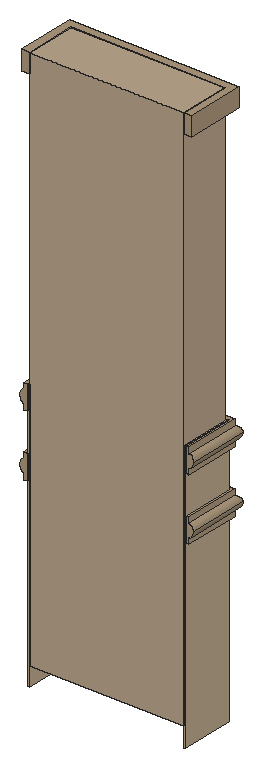
Revit family "GEN_A3-671-MIDDLE", category Columns, Revit 2016
Family settings
  Cut with Voids When Loaded = No
  Automatically joins geometry to walls = Yes
  Shared = No
  Show family pre-cut in plan views = Yes
Parameters (values of type "646-DS-C-85")
  STEP = 0 mm
  NIB WIDTH = 690 mm
  NIB = 230 mm
  Assembly Code = ""
Types (2): name
  646-DS-C-85
  MIDDLE-DV
Reference planes
  plane 1 "Center (Front/Back)": y = 20
  plane 2: z = 0
  plane 3 "Center (Left/Right)": x = -20
  plane 4 "Left": x = -250
  plane 5 "Right": x = 440
  plane 6 "Back": y = 250
  plane 7 "Front": y = -440
  plane 8: z = 0
  plane 9: z = 850
  plane 10: z = 1020
Forms (mm)
  Extrusion 1, solid, material "-WALL"
    sketch origin (0, 0, 0) x (1, 0, 0) y (0, 1, 0)
      loop
        line (-250, 20) -> (440, 20) -> (440, 250) -> (-250, 250) -> (-250, 20)
    from 0 to 2465
  Sweep 2, solid, material "-CORBEL"
    path origin (-101.756, 0, 2465) x (1, 0, 0) y (0, 1, 0)
      loop
        line (541.756, 20) -> (541.756, 250) -> (-148.244, 250) -> (-148.244, 20)
    profile "HEADER : HEADER" origin (-250, 135, 2465) x (1, 0, 0) y (0, 0, 1)
      loop
        line (0, -85) -> (0, 0) -> (-35, 0) -> (-35, -85) -> (0, -85)
  Sweep 3, solid, material "-CORBEL"
    path origin (-1690.302, 0, 825) x (0, 1, 0) y (-1, 0, 0)
      loop
        line (20, -2140.302) -> (260, -2140.302) -> (260, -1430.302) -> (20, -1430.302)
    profile "MOKOKA wrap : MOKOKA wrap" origin (450, 140, 825) x (-1, 0, 0) y (0, 0, 1)
      loop
        line (-15, 25) -> (-15, 0)
        arc (-15, 0) -> (-29.542, -11.972) -> (-35, -30) r 32.5
        arc (-35, -30) -> (-29.542, -48.028) -> (-15, -60) r 32.5
        line (-15, -60) -> (-15, -85) -> (0, -85) -> (0, 25) -> (-15, 25)
  Extrusion 4, solid, material "-STONE PLINTH"
    sketch origin (0, 0, 0) x (1, 0, 0) y (0, 1, 0)
      loop
        line (-250, 250) -> (440, 250) -> (440, 20) -> (450, 20) -> (450, 260) -> (-260, 260) -> (-260, 20) -> (-250, 20) -> (-250, 250)
    from -85 to 1130
  Sweep 5, solid, material "-CORBEL"
    path origin (-1690.302, 0, 1105) x (0, 1, 0) y (-1, 0, 0)
      loop
        line (20, -2140.302) -> (260, -2140.302) -> (260, -1430.302) -> (20, -1430.302)
    profile "MOKOKA wrap : MOKOKA wrap" origin (450, 140, 1105) x (-1, 0, 0) y (0, 0, 1)
      loop
        line (-15, 25) -> (-15, 0)
        arc (-15, 0) -> (-29.542, -11.972) -> (-35, -30) r 32.5
        arc (-35, -30) -> (-29.542, -48.028) -> (-15, -60) r 32.5
        line (-15, -60) -> (-15, -85) -> (0, -85) -> (0, 25) -> (-15, 25)
Dimensions and locks
  "NIB WIDTH": plane 4 "Left" to plane 5 "Right"
  "NIB WIDTH": plane 7 "Front" to plane 6 "Back"
  "NIB": plane 1 "Center (Front/Back)" to plane 6 "Back"
  "NIB": plane 4 "Left" to plane 3 "Center (Left/Right)"
  "STEP": plane 8 to level
  level to plane 9 to plane 10 = 850 mm locked, 170 mm locked
  aligned and locked: Extrusion 1 sketch curve to plane 4 "Left"
  aligned and locked: Extrusion 1 sketch curve to plane 6 "Back"
  aligned and locked: Extrusion 1 sketch curve to plane 5 "Right"
  aligned and locked: Extrusion 1 sketch curve to plane 1 "Center (Front/Back)"
  aligned and locked: level to Extrusion 1
  aligned and locked: plane 8 to Extrusion 1
  aligned and locked: Sweep 5 to Extrusion 4
  aligned and locked: plane 9 to Sweep 3
Automatic sketch dimensions
  Sweep 5 sketch curve to plane 1 "Center (Front/Back)" = 0 mm  (x2)
  Sweep 5 sketch curve to plane 6 "Back" = 10 mm
  Sweep 5 sketch curve to plane 5 "Right" = 10 mm
  plane 4 "Left" to Sweep 5 sketch curve = 10 mm
  Sweep 3 sketch curve to plane 1 "Center (Front/Back)" = 0 mm  (x2)
  Sweep 3 sketch curve to plane 6 "Back" = 10 mm
  Sweep 3 sketch curve to plane 5 "Right" = 10 mm
  plane 4 "Left" to Sweep 3 sketch curve = 10 mm
  Extrusion 4 sketch curve to plane 1 "Center (Front/Back)" = 0 mm  (x2)
  Extrusion 4 sketch curve to plane 4 "Left" = 0 mm
  Extrusion 4 sketch curve to plane 5 "Right" = 0 mm
  Extrusion 4 sketch curve to plane 6 "Back" = 0 mm
  Extrusion 4 sketch curve to Extrusion 4 sketch curve = 10 mm
  Extrusion 4 sketch curve to plane 5 "Right" = 10 mm
  Extrusion 4 sketch curve to plane 6 "Back" = 10 mm
  Sweep 2 sketch curve to plane 4 "Left" = 0 mm
  Sweep 2 sketch curve to plane 5 "Right" = 0 mm
  Sweep 2 sketch curve to plane 1 "Center (Front/Back)" = 0 mm  (x2)
  Sweep 2 sketch curve to plane 6 "Back" = 0 mm
